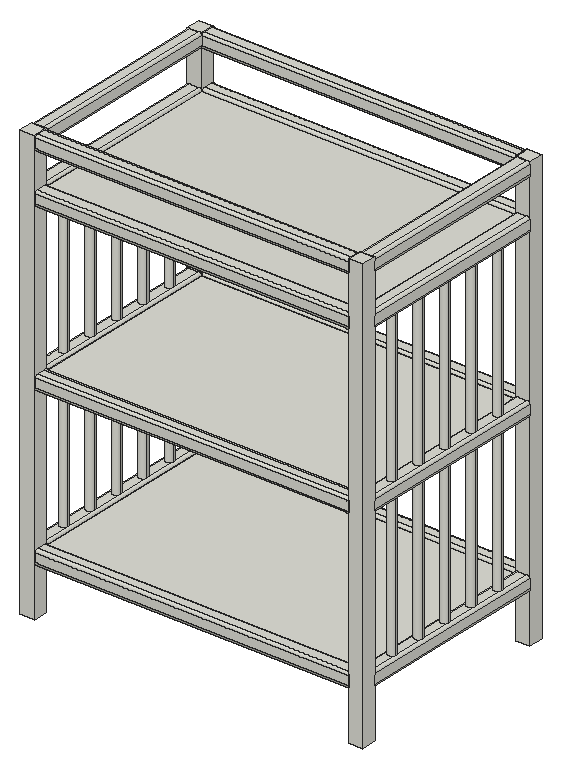
Revit family
Reference planes (cm)
  plane 1 "Centro (Frontal/Posterior)": y = 0
  plane 2: z = 0
  plane 3 "Centro (Izquierda/Derecha)": x = 0
Forms (cm)
  Sweep 1, solid
    path origin (0, 0, 0) x (1, 0, 0) y (0, 1, 0)
      loop
        line (-38, -27) -> (38, -27)
    profile origin (0, -27, 0) x (0, 1, 0) y (0, 0, 1)
      loop
        line (0.6428, 101.5) -> (2.8572, 101.5)
        arc (2.8572, 101.5) -> (3.3117, 101.6883) -> (3.5, 102.1428) r 0.6428
        line (3.5, 102.1428) -> (3.5, 104.3572)
        arc (3.5, 104.3572) -> (3.3117, 104.8117) -> (2.8572, 105) r 0.6428
        line (2.8572, 105) -> (0.6428, 105)
        arc (0.6428, 105) -> (0.1883, 104.8117) -> (0, 104.3572) r 0.6428
        line (0, 104.3572) -> (0, 102.1428)
        arc (0, 102.1428) -> (0.1883, 101.6883) -> (0.6428, 101.5) r 0.6428
      loop
        line (0.6428, 89.5) -> (2.8572, 89.5)
        arc (2.8572, 89.5) -> (3.3117, 89.6883) -> (3.5, 90.1428) r 0.6428
        line (3.5, 90.1428) -> (3.5, 92.3572)
        arc (3.5, 92.3572) -> (3.3117, 92.8117) -> (2.8572, 93) r 0.6428
        line (2.8572, 93) -> (0.6428, 93)
        arc (0.6428, 93) -> (0.1883, 92.8117) -> (0, 92.3572) r 0.6428
        line (0, 92.3572) -> (0, 90.1428)
        arc (0, 90.1428) -> (0.1883, 89.6883) -> (0.6428, 89.5) r 0.6428
      loop
        line (0.6428, 49.5) -> (2.8572, 49.5)
        arc (2.8572, 49.5) -> (3.3117, 49.6883) -> (3.5, 50.1428) r 0.6428
        line (3.5, 50.1428) -> (3.5, 52.3572)
        arc (3.5, 52.3572) -> (3.3117, 52.8117) -> (2.8572, 53) r 0.6428
        line (2.8572, 53) -> (0.6428, 53)
        arc (0.6428, 53) -> (0.1883, 52.8117) -> (0, 52.3572) r 0.6428
        line (0, 52.3572) -> (0, 50.1428)
        arc (0, 50.1428) -> (0.1883, 49.6883) -> (0.6428, 49.5) r 0.6428
      loop
        line (0.6428, 11.6763) -> (2.8572, 11.6763)
        arc (2.8572, 11.6763) -> (3.3117, 11.8646) -> (3.5, 12.3191) r 0.6428
        line (3.5, 12.3191) -> (3.5, 14.5335)
        arc (3.5, 14.5335) -> (3.3117, 14.988) -> (2.8572, 15.1763) r 0.6428
        line (2.8572, 15.1763) -> (0.6428, 15.1763)
        arc (0.6428, 15.1763) -> (0.1883, 14.988) -> (0, 14.5335) r 0.6428
        line (0, 14.5335) -> (0, 12.3191)
        arc (0, 12.3191) -> (0.1883, 11.8646) -> (0.6428, 11.6763) r 0.6428
  Sweep 2, solid
    path origin (-65, 14.5, 0) x (0, 1, 0) y (-1, 0, 0)
      loop
        line (-38, -27) -> (9, -27)
    profile origin (-38, 0, 0) x (-1, 0, 0) y (0, 0, 1)
      loop
        line (0.6428, 101.5) -> (2.8572, 101.5)
        arc (2.8572, 101.5) -> (3.3117, 101.6883) -> (3.5, 102.1428) r 0.6428
        line (3.5, 102.1428) -> (3.5, 104.3572)
        arc (3.5, 104.3572) -> (3.3117, 104.8117) -> (2.8572, 105) r 0.6428
        line (2.8572, 105) -> (0.6428, 105)
        arc (0.6428, 105) -> (0.1883, 104.8117) -> (0, 104.3572) r 0.6428
        line (0, 104.3572) -> (0, 102.1428)
        arc (0, 102.1428) -> (0.1883, 101.6883) -> (0.6428, 101.5) r 0.6428
      loop
        line (0.6428, 89.5) -> (2.8572, 89.5)
        arc (2.8572, 89.5) -> (3.3117, 89.6883) -> (3.5, 90.1428) r 0.6428
        line (3.5, 90.1428) -> (3.5, 92.3572)
        arc (3.5, 92.3572) -> (3.3117, 92.8117) -> (2.8572, 93) r 0.6428
        line (2.8572, 93) -> (0.6428, 93)
        arc (0.6428, 93) -> (0.1883, 92.8117) -> (0, 92.3572) r 0.6428
        line (0, 92.3572) -> (0, 90.1428)
        arc (0, 90.1428) -> (0.1883, 89.6883) -> (0.6428, 89.5) r 0.6428
      loop
        line (0.6428, 49.5) -> (2.8572, 49.5)
        arc (2.8572, 49.5) -> (3.3117, 49.6883) -> (3.5, 50.1428) r 0.6428
        line (3.5, 50.1428) -> (3.5, 52.3572)
        arc (3.5, 52.3572) -> (3.3117, 52.8117) -> (2.8572, 53) r 0.6428
        line (2.8572, 53) -> (0.6428, 53)
        arc (0.6428, 53) -> (0.1883, 52.8117) -> (0, 52.3572) r 0.6428
        line (0, 52.3572) -> (0, 50.1428)
        arc (0, 50.1428) -> (0.1883, 49.6883) -> (0.6428, 49.5) r 0.6428
      loop
        line (0.6428, 11.6763) -> (2.8572, 11.6763)
        arc (2.8572, 11.6763) -> (3.3117, 11.8646) -> (3.5, 12.3191) r 0.6428
        line (3.5, 12.3191) -> (3.5, 14.5335)
        arc (3.5, 14.5335) -> (3.3117, 14.988) -> (2.8572, 15.1763) r 0.6428
        line (2.8572, 15.1763) -> (0.6428, 15.1763)
        arc (0.6428, 15.1763) -> (0.1883, 14.988) -> (0, 14.5335) r 0.6428
        line (0, 14.5335) -> (0, 12.3191)
        arc (0, 12.3191) -> (0.1883, 11.8646) -> (0.6428, 11.6763) r 0.6428
  Extrusion 3, solid
    sketch origin (0, 0, 0) x (1, 0, 0) y (0, 1, 0)
      loop
        line (-38, -23.5) -> (-41.5, -23.5) -> (-41.5, -27) -> (-38, -27) -> (-38, -23.5)
    from 0 to 105
  Extrusion 4, solid
    sketch origin (0, 0, 0) x (-1, 0, 0) y (0, -1, 0)
      loop
        line (-38, 23.5) -> (-38, 27) -> (-41.5, 27) -> (-41.5, 23.5) -> (-38, 23.5)
    from 0 to 105
  Sweep 5, solid
    path origin (0, 0, 0) x (1, 0, 0) y (0, -1, 0)
      loop
        line (-38, -27) -> (38, -27)
    profile origin (0, 27, 0) x (0, 1, 0) y (0, 0, 1)
      loop
        arc (-0.6428, 101.5) -> (-0.1883, 101.6883) -> (0, 102.1428) r 0.6428
        line (0, 102.1428) -> (0, 104.3572)
        arc (0, 104.3572) -> (-0.1883, 104.8117) -> (-0.6428, 105) r 0.6428
        line (-0.6428, 105) -> (-2.8572, 105)
        arc (-2.8572, 105) -> (-3.3117, 104.8117) -> (-3.5, 104.3572) r 0.6428
        line (-3.5, 104.3572) -> (-3.5, 102.1428)
        arc (-3.5, 102.1428) -> (-3.3117, 101.6883) -> (-2.8572, 101.5) r 0.6428
        line (-2.8572, 101.5) -> (-0.6428, 101.5)
      loop
        arc (-0.6428, 89.5) -> (-0.1883, 89.6883) -> (0, 90.1428) r 0.6428
        line (0, 90.1428) -> (0, 92.3572)
        arc (0, 92.3572) -> (-0.1883, 92.8117) -> (-0.6428, 93) r 0.6428
        line (-0.6428, 93) -> (-2.8572, 93)
        arc (-2.8572, 93) -> (-3.3117, 92.8117) -> (-3.5, 92.3572) r 0.6428
        line (-3.5, 92.3572) -> (-3.5, 90.1428)
        arc (-3.5, 90.1428) -> (-3.3117, 89.6883) -> (-2.8572, 89.5) r 0.6428
        line (-2.8572, 89.5) -> (-0.6428, 89.5)
      loop
        arc (-0.6428, 49.5) -> (-0.1883, 49.6883) -> (0, 50.1428) r 0.6428
        line (0, 50.1428) -> (0, 52.3572)
        arc (0, 52.3572) -> (-0.1883, 52.8117) -> (-0.6428, 53) r 0.6428
        line (-0.6428, 53) -> (-2.8572, 53)
        arc (-2.8572, 53) -> (-3.3117, 52.8117) -> (-3.5, 52.3572) r 0.6428
        line (-3.5, 52.3572) -> (-3.5, 50.1428)
        arc (-3.5, 50.1428) -> (-3.3117, 49.6883) -> (-2.8572, 49.5) r 0.6428
        line (-2.8572, 49.5) -> (-0.6428, 49.5)
      loop
        arc (-0.6428, 11.6763) -> (-0.1883, 11.8646) -> (0, 12.3191) r 0.6428
        line (0, 12.3191) -> (0, 14.5335)
        arc (0, 14.5335) -> (-0.1883, 14.988) -> (-0.6428, 15.1763) r 0.6428
        line (-0.6428, 15.1763) -> (-2.8572, 15.1763)
        arc (-2.8572, 15.1763) -> (-3.3117, 14.988) -> (-3.5, 14.5335) r 0.6428
        line (-3.5, 14.5335) -> (-3.5, 12.3191)
        arc (-3.5, 12.3191) -> (-3.3117, 11.8646) -> (-2.8572, 11.6763) r 0.6428
        line (-2.8572, 11.6763) -> (-0.6428, 11.6763)
  Extrusion 6, solid
    sketch origin (0, 0, 0) x (1, 0, 0) y (0, 1, 0)
      loop
        line (-38, 23.5) -> (-38, 27) -> (-41.5, 27) -> (-41.5, 23.5) -> (-38, 23.5)
    from 0 to 105
  Extrusion 7, solid
    sketch origin (0, 0, 0) x (-1, 0, 0) y (0, -1, 0)
      loop
        line (-38, -23.5) -> (-41.5, -23.5) -> (-41.5, -27) -> (-38, -27) -> (-38, -23.5)
    from 0 to 105
  Sweep 8, solid
    path origin (65, 14.5, 0) x (0, 1, 0) y (1, 0, 0)
      loop
        line (-38, -27) -> (9, -27)
    profile origin (38, 0, 0) x (-1, 0, 0) y (0, 0, 1)
      loop
        arc (-0.6428, 101.5) -> (-0.1883, 101.6883) -> (0, 102.1428) r 0.6428
        line (0, 102.1428) -> (0, 104.3572)
        arc (0, 104.3572) -> (-0.1883, 104.8117) -> (-0.6428, 105) r 0.6428
        line (-0.6428, 105) -> (-2.8572, 105)
        arc (-2.8572, 105) -> (-3.3117, 104.8117) -> (-3.5, 104.3572) r 0.6428
        line (-3.5, 104.3572) -> (-3.5, 102.1428)
        arc (-3.5, 102.1428) -> (-3.3117, 101.6883) -> (-2.8572, 101.5) r 0.6428
        line (-2.8572, 101.5) -> (-0.6428, 101.5)
      loop
        arc (-0.6428, 89.5) -> (-0.1883, 89.6883) -> (0, 90.1428) r 0.6428
        line (0, 90.1428) -> (0, 92.3572)
        arc (0, 92.3572) -> (-0.1883, 92.8117) -> (-0.6428, 93) r 0.6428
        line (-0.6428, 93) -> (-2.8572, 93)
        arc (-2.8572, 93) -> (-3.3117, 92.8117) -> (-3.5, 92.3572) r 0.6428
        line (-3.5, 92.3572) -> (-3.5, 90.1428)
        arc (-3.5, 90.1428) -> (-3.3117, 89.6883) -> (-2.8572, 89.5) r 0.6428
        line (-2.8572, 89.5) -> (-0.6428, 89.5)
      loop
        arc (-0.6428, 49.5) -> (-0.1883, 49.6883) -> (0, 50.1428) r 0.6428
        line (0, 50.1428) -> (0, 52.3572)
        arc (0, 52.3572) -> (-0.1883, 52.8117) -> (-0.6428, 53) r 0.6428
        line (-0.6428, 53) -> (-2.8572, 53)
        arc (-2.8572, 53) -> (-3.3117, 52.8117) -> (-3.5, 52.3572) r 0.6428
        line (-3.5, 52.3572) -> (-3.5, 50.1428)
        arc (-3.5, 50.1428) -> (-3.3117, 49.6883) -> (-2.8572, 49.5) r 0.6428
        line (-2.8572, 49.5) -> (-0.6428, 49.5)
      loop
        arc (-0.6428, 11.6763) -> (-0.1883, 11.8646) -> (0, 12.3191) r 0.6428
        line (0, 12.3191) -> (0, 14.5335)
        arc (0, 14.5335) -> (-0.1883, 14.988) -> (-0.6428, 15.1763) r 0.6428
        line (-0.6428, 15.1763) -> (-2.8572, 15.1763)
        arc (-2.8572, 15.1763) -> (-3.3117, 14.988) -> (-3.5, 14.5335) r 0.6428
        line (-3.5, 14.5335) -> (-3.5, 12.3191)
        arc (-3.5, 12.3191) -> (-3.3117, 11.8646) -> (-2.8572, 11.6763) r 0.6428
        line (-2.8572, 11.6763) -> (-0.6428, 11.6763)
  Extrusion 9, solid
    sketch origin (0, 0, 0) x (1, 0, 0) y (0, 1, 0)
      loop
        line (-38, 23.5) -> (-38, -23.5) -> (38, -23.5) -> (38, 23.5) -> (-38, 23.5)
    from 90.077 to 92.4396
  Extrusion 10, solid
    sketch origin (0, 0, -40) x (1, 0, 0) y (0, 1, 0)
      loop
        line (-38, 23.5) -> (-38, -23.5) -> (38, -23.5) -> (38, 23.5) -> (-38, 23.5)
    from 90.077 to 92.4396
  Extrusion 11, solid
    sketch origin (0, 0, -77.8237) x (1, 0, 0) y (0, 1, 0)
      loop
        line (-38, 23.5) -> (-38, -23.5) -> (38, -23.5) -> (38, 23.5) -> (-38, 23.5)
    from 90.077 to 92.4396
  Extrusion 12, solid
    sketch origin (0, -21.0267, 0) x (1, 0, 0) y (0, 1, 0)
      loop
        circle (-39.7147, 21.0267) r 1
    from 15.1763 to 49.5
  Extrusion 13, solid
    sketch origin (0, -29.0267, 0) x (1, 0, 0) y (0, 1, 0)
      loop
        circle (-39.7147, 21.0267) r 1
    from 15.1763 to 49.5
  Extrusion 14, solid
    sketch origin (0, -37.0267, 0) x (1, 0, 0) y (0, 1, 0)
      loop
        circle (-39.7147, 21.0267) r 1
    from 15.1763 to 49.5
  Extrusion 15, solid
    sketch origin (0, 29.0267, 0) x (1, 0, 0) y (0, 1, 0)
      loop
        circle (-39.7147, -21.0267) r 1
    from 15.1763 to 49.5
  Extrusion 16, solid
    sketch origin (0, 37.0267, 0) x (1, 0, 0) y (0, 1, 0)
      loop
        circle (-39.7147, -21.0267) r 1
    from 15.1763 to 49.5
  Extrusion 17, solid
    sketch origin (0, -21.0267, 37.8237) x (1, 0, 0) y (0, 1, 0)
      loop
        circle (-39.7147, 21.0267) r 1
    from 15.1763 to 51.6763
  Extrusion 18, solid
    sketch origin (0, -29.0267, 37.8237) x (1, 0, 0) y (0, 1, 0)
      loop
        circle (-39.7147, 21.0267) r 1
    from 15.1763 to 51.6763
  Extrusion 19, solid
    sketch origin (0, -37.0267, 37.8237) x (1, 0, 0) y (0, 1, 0)
      loop
        circle (-39.7147, 21.0267) r 1
    from 15.1763 to 51.6763
  Extrusion 20, solid
    sketch origin (0, 29.0267, 37.8237) x (1, 0, 0) y (0, 1, 0)
      loop
        circle (-39.7147, -21.0267) r 1
    from 15.1763 to 51.6763
  Extrusion 21, solid
    sketch origin (0, 37.0267, 37.8237) x (1, 0, 0) y (0, 1, 0)
      loop
        circle (-39.7147, -21.0267) r 1
    from 15.1763 to 51.6763
  Extrusion 22, solid
    sketch origin (0, -21.0267, 0) x (-1, 0, 0) y (0, -1, 0)
      loop
        circle (-39.7147, -21.0267) r 1
    from 15.1763 to 49.5
  Extrusion 23, solid
    sketch origin (0, -29.0267, 0) x (-1, 0, 0) y (0, -1, 0)
      loop
        circle (-39.7147, -21.0267) r 1
    from 15.1763 to 49.5
  Extrusion 24, solid
    sketch origin (0, -37.0267, 0) x (-1, 0, 0) y (0, -1, 0)
      loop
        circle (-39.7147, -21.0267) r 1
    from 15.1763 to 49.5
  Extrusion 25, solid
    sketch origin (0, 29.0267, 0) x (-1, 0, 0) y (0, -1, 0)
      loop
        circle (-39.7147, 21.0267) r 1
    from 15.1763 to 49.5
  Extrusion 26, solid
    sketch origin (0, 37.0267, 0) x (-1, 0, 0) y (0, -1, 0)
      loop
        circle (-39.7147, 21.0267) r 1
    from 15.1763 to 49.5
  Extrusion 27, solid
    sketch origin (0, -21.0267, 37.8237) x (-1, 0, 0) y (0, -1, 0)
      loop
        circle (-39.7147, -21.0267) r 1
    from 15.1763 to 51.6763
  Extrusion 28, solid
    sketch origin (0, -29.0267, 37.8237) x (-1, 0, 0) y (0, -1, 0)
      loop
        circle (-39.7147, -21.0267) r 1
    from 15.1763 to 51.6763
  Extrusion 29, solid
    sketch origin (0, -37.0267, 37.8237) x (-1, 0, 0) y (0, -1, 0)
      loop
        circle (-39.7147, -21.0267) r 1
    from 15.1763 to 51.6763
  Extrusion 30, solid
    sketch origin (0, 29.0267, 37.8237) x (-1, 0, 0) y (0, -1, 0)
      loop
        circle (-39.7147, 21.0267) r 1
    from 15.1763 to 51.6763
  Extrusion 31, solid
    sketch origin (0, 37.0267, 37.8237) x (-1, 0, 0) y (0, -1, 0)
      loop
        circle (-39.7147, 21.0267) r 1
    from 15.1763 to 51.6763
